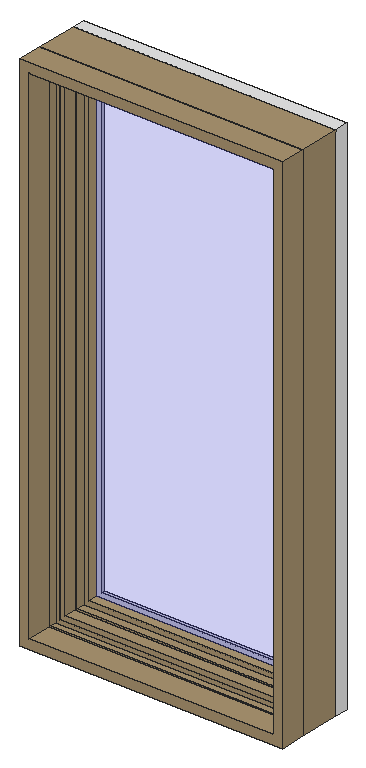
Revit family "Window-Casement-Pella-Architect-Contemporary-Fixed-1", category Windows, host Wall, Revit 2013
Parameters (values of type "Casement No Grille")
  Warranty = "https://content.pella.com/cs/groups/public/documents/document/mdaw/mde3/~edisp/pel-017828.pdf?_ga=1.89380059.1797906072.1467308852"
  Wall Thickness [instance] = 0' - 6"
  Visual Light Transmittance = 0
  Vertical Grille Spacing = (Width - 0' 4 47/64") / (Vertical Mullions + 1)  # 0' - 6 27/64"
  Vertical Grille Offset = Vertical Grille Spacing  # 0' - 6 27/64"
  Traditional Grille Single Vertical = and(Traditional Lites Wide = 2, Traditional Grille)  # no
  Traditional Grille Single Horizontal = and(Traditional Lites High = 2, Traditional Grille)  # no
  Traditional Grille Array Vertical = and(Traditional Lites Wide > 2, Traditional Grille)  # no
  Traditional Grille = no
  Traditional Lites Wide = 2
  Nail Fin = yes
  Max Lites = 10  # constant formula
  Horizontal Mullions = if(and(Traditional Lites High < Max Lites, Traditional Lites High > 3), Traditional Lites High - 1, if(or(Traditional Lites High = Max Lites, Traditional Lites High > Max Lites), Max Lites - 1, 2))  # 2
  URL = "http://professional.pella.com"
  Type Comments = "Casement"  # constant formula
  Traditional Grille Array Horizontal = and(Traditional Lites High > 2, Traditional Grille)  # no
  Thermal Resistance (R) = 10.0000 (h·ft²·°F)/BTU
  Specification = "http://media.pella.com/professional/adm/Wood-CSI_Specs/08551.rtf"
  Solar Heat Gain Coefficient = 0
  Rough Width = Width + 0' 0 3/4"  # 2' - 0 3/4"
  Rough Height = Height + 0' 0 3/4"  # 4' - 0 3/4"
  Requested Height = 4' - 0"
  Product Page URL = "http://professional.pella.com/windows/product-details/casement-architect"
  Product Name = "Architect Series Contemporary"  # constant formula
  Product Documentation Link = "http://media.pella.com/professional/adm/Clad-Wood/CM_ASSZTAB.pdf"
  Prairie Offset = 0' - 3"  # constant formula
  Prairie Grille = no
  Operation = "Fixed"  # constant formula
  Offset = 0' - 0"
  Mullions = 0' - 0 7/8"  # constant formula
  Model = "Casement Fixed"  # constant formula
  Min Width = 1' - 5"  # constant formula
  Min Height = 1' - 5"  # constant formula
  Max Width = 2' - 11"  # constant formula
  Max Height = 6' - 1"  # constant formula
  Material = "Wood - Pine"  # constant formula
  Manufacturer = "Pella"  # constant formula
  Requested Width = 2' - 0"
  LEED = "http://professional.pella.com/support/leed"
  Jamb Extensions Depth [instance] = if(Jamb Extensions Calc > 0' 0 1/8", Jamb Extensions Calc, 0' 0 1/8")  # 0' - 2 9/32"
  Jamb Extensions Calc [instance] = if(Offset > 0' 0", Wall Thickness - 0' 3 23/32" + Offset, Wall Thickness - 0' 3 23/32" - Inset)  # 0' - 2 9/32"
  Jamb Extensions = yes
  Interior Finish = Wood-Pella-Pine
  Inset = 0' - 0"
  Horizontal Grille Spacing = (Height - 0' 4 47/64") / (Horizontal Mullions + 1)  # 1' - 2 27/64"
  Horizontal Grille Offset = Horizontal Grille Spacing  # 1' - 2 27/64"
  Traditional Lites High = 2
  Height = if(and(Requested Height < Max Height, Requested Height > Min Height), Requested Height, if(or(Requested Height = Max Height, Requested Height > Max Height), Max Height, Min Height))  # 4' - 0"
  Heat Transfer Coefficient (U) = 0.1000 BTU/(h·ft²·°F)
  Grille Width = Width - 0' 4 47/64"  # 1' - 7 17/64"
  Grille Height = Height - 0' 4 47/64"  # 3' - 7 17/64"
  Vertical Mullions = if(and(Traditional Lites Wide < Max Lites, Traditional Lites Wide > 2), Traditional Lites Wide - 1, if(or(Traditional Lites Wide = Max Lites, Traditional Lites Wide > Max Lites), Max Lites - 1, 2))  # 2
  Glazing = Glass-Pella-Low_E-Argon
  Glass Thickness = 0' - 0 11/16"  # constant formula
  Finish = Aluminum-Pella-EnduraClad-White
  Energy Star = "http://www.pella.com/features-options/energy-efficiency/energy-star/"
  Description = "Aluminum Clad Wood Window"  # constant formula
  Depth = 0' - 5 1/128"  # constant formula
  Default Sill Height = 3' - 0"  # constant formula
  Wall Closure = By host
  Width = if(and(Requested Width < Max Width, Requested Width > Min Width), Requested Width, if(or(Requested Width = Max Width, Requested Width > Max Width), Max Width, Min Width))  # 2' - 0"
  Cladding = "Aluminum"  # constant formula
  Assembly Code = "B2020130"
  Analytic Construction = "<None>"
Types (4): name | Visual Light Transmittance | Traditional Grille Single Vertical | Traditional Grille Single Horizontal | Traditional Grille | Thermal Resistance (R) | Solar Heat Gain Coefficient | Prairie Grille | Heat Transfer Coefficient (U) | Analytic Construction
  (no name) | 0 | no | no | no | 1.7611 m²·K/W | 0 | no | 0.56783 W/(m²·K) | "<None>"
  Casement Traditional Grille | 0.76 | yes | yes | yes | 2.8573 (h·ft²·°F)/BTU | 0.65 | no | 0.3500 BTU/(h·ft²·°F) | "Double glazing - 1/8 in thick - low-E/clear (e = 0.2) glass"
  Casement Prairie Grille | 0.76 | no | no | no | 2.8573 (h·ft²·°F)/BTU | 0.65 | yes | 0.3500 BTU/(h·ft²·°F) | "Double glazing - 1/8 in thick - low-E/clear (e = 0.2) glass"
  Casement No Grille | 0 | no | no | no | 10.0000 (h·ft²·°F)/BTU | 0 | no | 0.1000 BTU/(h·ft²·°F) | "<None>"
Reference planes (in)
  plane 1 "Center (Front/Back)": y = 0
  plane 2: z = 0
  plane 3 "Center (Left/Right)": x = 0
  plane 4 "Left": x = -12
  plane 5 "Right": x = 12
  plane 6 "Sill": z = 36
  plane 7 "Top": z = 84
  plane 8 "Nail Flange": y = 3
  plane 9 "Glass Front": y = 3.19273
  plane 10 "Glass Back": y = 2.50523
  plane 11 "Front": y = 4.2919
  plane 12 "Back": y = -0.71591
  plane 13 "Glass Bottom": z = 37.99998
  plane 14 "Glass Top": z = 82.00002
  plane 15 "Glass Left": x = -10.00002
  plane 16 "Glass Right": x = 10.00002
  plane 17 "Inset": y = 3
  plane 18 "Jamb Extension": y = -0.71875
  plane 19 "Grille Bottom": z = 38.36679
  plane 20: z = 81.63321
  plane 21: x = 9.63321
  plane 22: x = -9.63321
  plane 23 "Prarie Right": x = 6.63321
  plane 24 "Prarie Left": x = -6.63321
  plane 25 "Prarie Top": z = 78.63321
  plane 26 "Prarie Bottom": z = 41.36679
  plane 27 "Center (Elevation)": z = 60
Forms (in)
  Sweep 1, solid, material "Wood-Pella-Pine" <- "Interior Finish", detail levels medium+fine
    path origin (0, 3, 0) x (-1, 0, 0) y (0, 0, 1)
      loop
        line (-12, 36) -> (12, 36) -> (12, 84) -> (-12, 84) -> (-12, 36)
    profile origin (-12, 3, 60) x (1, 0, 0) y (0, 1, 0)
      loop
        line (0, -3.71591) -> (0.875, -3.71591) -> (0.875, -3.04312) -> (1.25, -3.04312) -> (1.25, -1.52632) -> (1.029, -1.52632) -> (1.029, -0.84457) -> (0.72995, -0.84457) -> (0.72995, 0.33204) -> (0.259, 0.33204) -> (0.259, 0.08771) -> (0, 0.08771) -> (0, -3.71591)
  Sweep 2, solid, material "Aluminum-Pella-EnduraClad-White" <- "Finish", detail levels medium+fine
    path origin (0, 3, 0) x (-1, 0, 0) y (0, 0, 1)
      loop
        line (-12, 36) -> (12, 36) -> (12, 84) -> (-12, 84) -> (-12, 36)
    profile origin (-12, 3, 60) x (1, 0, 0) y (0, 1, 0)
      loop
        line (0.72995, -0.35799) -> (0.814, -0.35799) -> (0.814, 0.08998) -> (0.76564, 0.64798) -> (0.76564, 1.2299) -> (0.57394, 1.2299) -> (0.36396, 1.2919) -> (0.197, 1.2919) -> (0.197, 0.9179) -> (0.09, 0.9179) -> (0.09, 1.24933) -> (0, 1.24933) -> (0, 0.0999) -> (0.259, 0.0999) -> (0.259, 0.33204) -> (0.72995, 0.33204) -> (0.72995, -0.35799)
      loop
        line (1.012, 0.30847) -> (1.88298, 0.30847) -> (1.88298, 0.19273) -> (2.45587, 0.19273) -> (2.36679, 0.63726) -> (1.012, 0.63726) -> (1.012, 0.30847)
  Extrusion 3, solid, material "Glass-Pella-Low_E-Argon" <- "Glazing"
    sketch origin (0, 0, 36) x (0, -1, 0) y (1, 0, 0)
      loop
        line (-2.50523, -10.00002) -> (-2.50523, 10.00002) -> (-3.19273, 10.00002) -> (-3.19273, -10.00002) -> (-2.50523, -10.00002)
    from 1.99998 to 46.00002
  Sweep 4, solid, material "Aluminum-Pella-EnduraClad-White" <- "Finish", detail levels coarse
    path origin (0, 3, 0) x (-1, 0, 0) y (0, 0, 1)
      loop
        line (-12, 36) -> (12, 36) -> (12, 84) -> (-12, 84) -> (-12, 36)
    profile origin (-12, 3, 60) x (1, 0, 0) y (0, 1, 0)
      loop
        line (0, 0) -> (2.46, 0) -> (2.46, 0.63726) -> (0.76564, 0.63726) -> (0.76564, 1.2919) -> (0, 1.2919) -> (0, 0)
  Sweep 5, solid, material "Wood-Pella-Pine" <- "Interior Finish", detail levels coarse
    path origin (0, 3, 0) x (-1, 0, 0) y (0, 0, 1)
      loop
        line (-12, 36) -> (12, 36) -> (12, 84) -> (-12, 84) -> (-12, 36)
    profile origin (-12, 3, 60) x (1, 0, 0) y (0, 1, 0)
      loop
        line (0, -3.71591) -> (1.719, -3.71591) -> (1.719, -1.11274) -> (2.46, -1.11274) -> (2.46, 0) -> (0, 0) -> (0, -3.71591)
  Sweep 6, solid, material "Wood-Pella-Pine" <- "Interior Finish", visible <- "Jamb Extensions"
    path origin (0, -0.71875, 0) x (-1, 0, 0) y (0, 0, 1)
      loop
        line (-12, 36) -> (12, 36) -> (12, 84) -> (-12, 84) -> (-12, 36)
    profile origin (-12, -0.71875, 60) x (1, 0, 0) y (0, 1, 0)
      loop
        line (0, -2.28125) -> (0.812, -2.28125) -> (0.812, 0) -> (0, 0) -> (0, -2.28125)
  Sweep 7, solid, material "Wood-Pella-Pine" <- "Interior Finish", detail levels medium+fine
    path origin (0, 2.50523, 0) x (-1, 0, 0) y (0, 0, 1)
      loop
        line (-12, 36) -> (12, 36) -> (12, 84) -> (-12, 84) -> (-12, 36)
    profile origin (-12, 2.50523, 60) x (1, 0, 0) y (0, 1, 0)
      loop
        line (1.25, 0.80325) -> (1.25, -2.54796) -> (1.719, -2.54796) -> (1.719, -1.40696) -> (1.875, -1.40696) -> (1.875, -0.61796) -> (2.344, -0.61796) -> (2.47535, 0) -> (1.88298, 0) -> (1.88298, 0.80325) -> (1.25, 0.80325)
Lines and regions (in)
  Opening 1
    outline origin (-60, -3, 0) x (1, 0, 0) y (0, 0, 1)
      loop
        line (48, 84) -> (48, 36) -> (72, 36) -> (72, 84) -> (48, 84)
  Masking region 1, detail levels coarse
    outline origin (0, 0, 36) x (0, -1, 0) y (1, 0, 0)
      loop
        line (-3.19273, -9.54) -> (-2.50523, -9.54) -> (-2.50523, 9.54) -> (-3.19273, 9.54) -> (-3.19273, -9.54)
  Masking region 2, detail levels coarse
    outline origin (0, 0, 0) x (0, 1, 0) y (0, 0, 1)
      loop
        line (3.19273, 38.46) -> (3.19273, 81.54) -> (2.50523, 81.54) -> (2.50523, 38.46) -> (3.19273, 38.46)
  Masking region 3, detail levels medium+fine
    outline origin (0, 0, 0) x (0, 1, 0) y (0, 0, 1)
      loop
        line (3.19273, 37.99998) -> (3.19273, 82.00002) -> (3.06773, 82.00002) -> (3.06773, 37.99998) -> (3.19273, 37.99998)
      loop
        line (2.63023, 37.99998) -> (2.63023, 82.00002) -> (2.50523, 82.00002) -> (2.50523, 37.99998) -> (2.63023, 37.99998)
  Masking region 4, detail levels medium+fine
    outline origin (0, 0, 36) x (0, -1, 0) y (1, 0, 0)
      loop
        line (-2.50523, -10.00002) -> (-2.50523, 10.00002) -> (-2.63023, 10.00002) -> (-2.63023, -10.00002) -> (-2.50523, -10.00002)
      loop
        line (-3.06773, -10.00002) -> (-3.06773, 10.00002) -> (-3.19273, 10.00002) -> (-3.19273, -10.00002) -> (-3.06773, -10.00002)
  Masking region 5, visible <- "Jamb Extensions"
    outline origin (0, 0, 60) x (1, 0, 0) y (0, 1, 0)
      loop
        line (-12, -3) -> (-11.188, -3) -> (-11.188, -0.71591) -> (-12, -0.71591) -> (-12, -3)
      loop
        line (11.188, -3) -> (12, -3) -> (12, -0.71591) -> (11.188, -0.71591) -> (11.188, -3)
  Masking region 6, visible <- "Jamb Extensions"
    outline origin (0, 0, 0) x (0, 1, 0) y (0, 0, 1)
      loop
        line (-0.71591, 36) -> (-0.71591, 36.812) -> (-3, 36.812) -> (-3, 36) -> (-0.71591, 36)
      loop
        line (-0.71591, 83.188) -> (-0.71591, 84) -> (-3, 84) -> (-3, 83.188) -> (-0.71591, 83.188)
  symbolic lines, style "Elevation Swing"
    curve 1: line (12, 4.2919, 36) -> (0, 4.2919, 84)
    curve 2: line (0, 4.2919, 84) -> (-12, 4.2919, 36)
Text (in)
  text "EXTERIOR" at (-58.6888, 50.90694, 0), in view "Ref. Level"
  text "INTERIOR" at (-58.6888, -37.76638, 0), in view "Ref. Level"
  text "Exterior" at (0, 43.65631, 123.19604), in view "Left"
  text "Exterior" at (0, 18.29385, 125.04747), in view "Right"
Dimensions and locks (in)
  equal spacing: plane 4 "Left", plane 3 "Center (Left/Right)", plane 5 "Right"
  "Width": plane 4 "Left" to plane 5 "Right"
  "Height": plane 6 "Sill" to plane 7 "Top"
  "Default Sill Height": plane 2 to plane 6 "Sill"
  locked: plane 9 "Glass Front" to plane 8 "Nail Flange" at 0.19273
  "Offset": plane 8 "Nail Flange" to plane 17 "Inset"
  locked: Masking region 1 sketch curve to plane 16 "Glass Right" at 0.46002
  locked: plane 15 "Glass Left" to Masking region 1 sketch curve at 0.46002
  locked: Masking region 2 sketch curve to plane 14 "Glass Top" at 0.46002
  locked: plane 13 "Glass Bottom" to Masking region 2 sketch curve at 0.46002
  locked: plane 9 "Glass Front" to Masking region 3 sketch curve at 0.125
  locked: Masking region 3 sketch curve to plane 10 "Glass Back" at 0.125
  locked: Masking region 4 sketch curve to plane 10 "Glass Back" at 0.125
  locked: plane 9 "Glass Front" to Masking region 4 sketch curve at 0.125
  locked: plane 11 "Front" to plane 8 "Nail Flange" at 1.2919
  "Depth": plane 11 "Front" to plane 12 "Back"
  plane 4 "Left" to Sweep 2 sketch curve to Sweep 2 sketch curve to Sweep 2 sketch curve to Sweep 2 sketch curve to Sweep 2 sketch curve to Sweep 2 sketch curve to Sweep 2 sketch curve to Sweep 2 sketch curve = 0' - 0.09" locked, 0' - 0.107" locked, 0' - 0.062" locked, 0' - 0.10496" locked, 0' - 0.20997" locked, 0' - 0.15601" locked, 0' - 0.0357" locked, 0' - 0.04836" locked
  plane 11 "Front" to Sweep 2 sketch curve to Sweep 2 sketch curve to Sweep 2 sketch curve to Sweep 2 sketch curve to Sweep 2 sketch curve to Sweep 2 sketch curve to Sweep 2 sketch curve to Sweep 2 sketch curve = 0' - 0.04257" locked, 0' - 0.01943" locked, 0' - 0.312" locked, 0' - 0.26992" locked, 0' - 0.31594" locked, 0' - 0.23214" locked, 0' - 0.00992" locked, 0' - 0.44797" locked
  locked: plane 6 "Sill" to plane 13 "Glass Bottom" at 1.99998
  locked: plane 7 "Top" to plane 14 "Glass Top" at 1.99998
  locked: plane 16 "Glass Right" to plane 5 "Right" at 1.99998
  locked: plane 4 "Left" to plane 15 "Glass Left" at 1.99998
  locked: Sweep 4 sketch curve to plane 8 "Nail Flange" at 0.63726
  plane 4 "Left" to Sweep 4 sketch curve to Sweep 4 sketch curve = 0' - 0 49/64" locked, 0' - 1.69436" locked
  locked: plane 8 "Nail Flange" to Sweep 5 sketch curve at 1.11274
  plane 4 "Left" to Sweep 5 sketch curve to Sweep 5 sketch curve = 0' - 1.719" locked, 0' - 0.741" locked
  "Inset": host wall to plane 17 "Inset"
  "Wall Thickness": host wall to host wall
  "Jamb Extensions Depth": host wall to plane 18 "Jamb Extension"
  locked: plane 4 "Left" to Sweep 6 sketch curve at 0.812
  locked: plane 20 to plane 7 "Top" at 2.36679
  locked: plane 6 "Sill" to plane 19 "Grille Bottom" at 2.36679
  locked: plane 5 "Right" to plane 21 at 2.36679
  locked: plane 4 "Left" to plane 22 at 2.36679
  "Prairie Offset": plane 19 "Grille Bottom" to plane 26 "Prarie Bottom"
  "Prairie Offset": plane 25 "Prarie Top" to plane 20
  "Prairie Offset": plane 21 to plane 23 "Prarie Right"
  "Prairie Offset": plane 24 "Prarie Left" to plane 22
  locked: nested 7 to plane 9 "Glass Front" at 0
  locked: nested 8 to plane 9 "Glass Front" at 0
  locked: plane 21 to nested 8 at 0.00237
  "Vertical Grille Offset": nested 9 to plane 21
  group 2 to group 1 = 0' - 6 27/64"
  group 1 to group 2 = 0' - 0"  (x2)
  "Vertical Grille Spacing": nested 10 to nested 9
  "Horizontal Grille Offset": plane 19 "Grille Bottom" to nested 11
  group 3 to group 4 = 0' - 0"  (x2)
  group 3 to group 4 = 1' - 2 27/64"
  "Horizontal Grille Spacing": nested 11 to nested 12
  locked: nested 12 to plane 21 at 0
  equal spacing: plane 6 "Sill", plane 27 "Center (Elevation)", plane 7 "Top"
  locked: nested 14 to plane 27 "Center (Elevation)"
  locked: plane 4 "Left" to Masking region 5 sketch curve at 0.812
  locked: Masking region 5 sketch curve to plane 5 "Right" at 0.812
  locked: Masking region 6 sketch curve to plane 7 "Top" at 0.812
  locked: plane 6 "Sill" to Masking region 6 sketch curve at 0.812
  "Glass Thickness": plane 9 "Glass Front" to plane 10 "Glass Back"
  Sweep 1 sketch curve to Sweep 1 sketch curve to Sweep 1 sketch curve to Sweep 1 sketch curve to Sweep 1 sketch curve to plane 18 "Jamb Extension" = 0' - 0.24433" locked, 0' - 0.93227" locked, 0' - 0.68175" locked, 0' - 1.5168" locked, 0' - 0.67563" locked
  plane 4 "Left" to Sweep 1 sketch curve to Sweep 1 sketch curve to Sweep 1 sketch curve to Sweep 1 sketch curve to Sweep 1 sketch curve = 0' - 0.259" locked, 0' - 0.47095" locked, 0' - 0.14505" locked, 0' - 0.154" locked, 0' - 0.221" locked
  Sweep 2 sketch curve to Sweep 2 sketch curve to plane 9 "Glass Front" = 0' - 0.32879" locked, 0' - 0.11575" locked
  Sweep 2 sketch curve to Sweep 2 sketch curve to plane 15 "Glass Left" to Sweep 2 sketch curve to Sweep 2 sketch curve = 0' - 0.87098" locked, 0' - 0.117" locked, 0' - 0.36681" locked, 0' - 0.08908" locked
  Sweep 7 sketch curve to plane 10 "Glass Back" to Sweep 7 sketch curve to Sweep 7 sketch curve to Sweep 7 sketch curve = 0' - 0.80325" locked, 0' - 0.61796" locked, 0' - 0.789" locked, 0' - 1.141" locked
  Sweep 7 sketch curve to Sweep 7 sketch curve to Sweep 7 sketch curve to Sweep 7 sketch curve to plane 15 "Glass Left" to Sweep 7 sketch curve to Sweep 7 sketch curve = 0' - 0.469" locked, 0' - 0.156" locked, 0' - 0.00798" locked, 0' - 0.117" locked, 0' - 0.34402" locked, 0' - 0.13135" locked
  aligned and locked: plane 7 "Top" to Opening 1 sketch curve
  aligned and locked: plane 6 "Sill" to Opening 1 sketch curve  (x2)
  aligned and locked: plane 5 "Right" to Opening 1 sketch curve
  aligned and locked: plane 4 "Left" to Opening 1 sketch curve
  aligned and locked: level to plane 2
  aligned and locked: nested 1 to plane 8 "Nail Flange"
  aligned and locked: nested 1 to plane 5 "Right"
  aligned and locked: plane 8 "Nail Flange" to nested 2
  aligned and locked: nested 2 to plane 4 "Left"
  aligned and locked: plane 8 "Nail Flange" to nested 3
  aligned and locked: nested 3 to plane 6 "Sill"
  aligned and locked: nested 4 to plane 8 "Nail Flange"
  aligned and locked: nested 4 to plane 7 "Top"
  aligned and locked: Masking region 1 sketch curve to plane 9 "Glass Front"
  aligned and locked: plane 10 "Glass Back" to Masking region 1 sketch curve
  aligned and locked: plane 10 "Glass Back" to Masking region 2 sketch curve
  aligned and locked: Masking region 2 sketch curve to plane 9 "Glass Front"
  aligned and locked: plane 10 "Glass Back" to Masking region 3 sketch curve
  aligned and locked: Masking region 3 sketch curve to plane 9 "Glass Front"
  aligned and locked: plane 9 "Glass Front" to Masking region 4 sketch curve
  aligned and locked: Masking region 4 sketch curve to plane 10 "Glass Back"
  aligned and locked: Sweep 1 sketch curve to plane 5 "Right"
  aligned and locked: plane 4 "Left" to Sweep 1 sketch curve  (x2)
  aligned and locked: Sweep 1 sketch curve to plane 7 "Top"
  aligned and locked: plane 6 "Sill" to Sweep 1 sketch curve
  aligned and locked: Sweep 1 sketch curve to plane 12 "Back"
  aligned and locked: Sweep 2 sketch curve to plane 5 "Right"
  aligned and locked: plane 4 "Left" to Sweep 2 sketch curve  (x2)
  aligned and locked: plane 6 "Sill" to Sweep 2 sketch curve
  aligned and locked: Sweep 2 sketch curve to plane 7 "Top"
  aligned and locked: plane 11 "Front" to Sweep 2 sketch curve
  aligned and locked: plane 10 "Glass Back" to Extrusion 3 sketch curve
  aligned and locked: Extrusion 3 sketch curve to plane 9 "Glass Front"
  aligned and locked: plane 15 "Glass Left" to Extrusion 3 sketch curve
  aligned and locked: plane 16 "Glass Right" to Extrusion 3 sketch curve
  aligned and locked: plane 15 "Glass Left" to Masking region 4 sketch curve  (x2)
  aligned and locked: plane 16 "Glass Right" to Masking region 4 sketch curve  (x2)
  aligned and locked: plane 13 "Glass Bottom" to Masking region 3 sketch curve  (x2)
  aligned and locked: Masking region 3 sketch curve to plane 14 "Glass Top"  (x2)
  aligned and locked: Extrusion 3 to plane 13 "Glass Bottom"
  aligned and locked: plane 14 "Glass Top" to Extrusion 3
  aligned and locked: plane 6 "Sill" to Sweep 4 sketch curve
  aligned and locked: Sweep 4 sketch curve to plane 5 "Right"
  aligned and locked: Sweep 4 sketch curve to plane 7 "Top"
  aligned and locked: plane 4 "Left" to Sweep 4 sketch curve  (x2)
  aligned and locked: plane 11 "Front" to Sweep 4 sketch curve
  aligned and locked: Sweep 4 sketch curve to plane 8 "Nail Flange"
  aligned and locked: plane 4 "Left" to Sweep 5 sketch curve  (x2)
  aligned and locked: Sweep 5 sketch curve to plane 5 "Right"
  aligned and locked: Sweep 5 sketch curve to plane 7 "Top"
  aligned and locked: plane 6 "Sill" to Sweep 5 sketch curve
  aligned and locked: Sweep 5 sketch curve to plane 12 "Back"
  aligned and locked: plane 8 "Nail Flange" to Sweep 5 sketch curve
  aligned and locked: Sweep 6 sketch curve to plane 5 "Right"
  aligned and locked: plane 4 "Left" to Sweep 6 sketch curve  (x2)
  aligned and locked: plane 6 "Sill" to Sweep 6 sketch curve
  aligned and locked: Sweep 6 sketch curve to plane 7 "Top"
  aligned and locked: plane 18 "Jamb Extension" to Sweep 6 sketch curve
  aligned and locked: host wall to Sweep 6 sketch curve
  aligned and locked: plane 9 "Glass Front" to nested 5
  aligned and locked: plane 23 "Prarie Right" to nested 5
  aligned and locked: plane 9 "Glass Front" to nested 6
  aligned and locked: plane 21 to nested 6
  aligned and locked: plane 26 "Prarie Bottom" to nested 6
  aligned and locked: plane 24 "Prarie Left" to nested 7
  aligned and locked: plane 25 "Prarie Top" to nested 8
  aligned and locked: plane 9 "Glass Front" to nested 9
  aligned and locked: plane 9 "Glass Front" to nested 10
  aligned and locked: plane 9 "Glass Front" to nested 11
  aligned and locked: plane 21 to nested 11
  aligned and locked: plane 9 "Glass Front" to nested 12
  aligned and locked: plane 9 "Glass Front" to nested 13
  aligned and locked: plane 3 "Center (Left/Right)" to nested 13
  aligned and locked: plane 9 "Glass Front" to nested 14
  aligned and locked: plane 21 to nested 14
  aligned and locked: plane 12 "Back" to Masking region 5 sketch curve  (x2)
  aligned and locked: host wall to Masking region 5 sketch curve  (x2)
  aligned and locked: plane 4 "Left" to Masking region 5 sketch curve
  aligned and locked: Masking region 5 sketch curve to plane 5 "Right"
  aligned and locked: Masking region 6 sketch curve to plane 6 "Sill"
  aligned and locked: Masking region 6 sketch curve to host wall  (x2)
  aligned and locked: Masking region 6 sketch curve to plane 12 "Back"  (x2)
  aligned and locked: plane 7 "Top" to Masking region 6 sketch curve
  aligned and locked: plane 9 "Glass Front" to Sweep 2 sketch curve
  aligned and locked: plane 6 "Sill" to Sweep 7 sketch curve
  aligned and locked: Sweep 7 sketch curve to plane 5 "Right"
  aligned and locked: Sweep 7 sketch curve to plane 7 "Top"
  aligned and locked: plane 4 "Left" to Sweep 7 sketch curve
  aligned and locked: Sweep 7 sketch curve to plane 10 "Glass Back"
  aligned and locked: plane 6 "Sill" to curve 2
  aligned and locked: plane 4 "Left" to curve 2
  aligned and locked: plane 6 "Sill" to curve 1
  aligned and locked: plane 5 "Right" to curve 1
  aligned and locked: plane 3 "Center (Left/Right)" to curve 1
  aligned and locked: plane 7 "Top" to curve 1
Nested families (in)
  nested 1: "Nested-Casement-Pella-Architect-Contemporary-Fixed" at (12, 3, 36) x (0, -1, 0) z (0, 0, -1), type "Fixed Casement"
  nested 2: "Nested-Casement-Pella-Architect-Contemporary-Fixed" at (-12, 3, 36) x (0, -1, 0) z (0, 0, -1), type "Fixed Casement"
  nested 3: "Nested-Casement-Pella-Architect-Contemporary-Fixed" at (0, 3, 36) x (0, -1, 0) z (1, 0, 0), type "Fixed Casement"
  nested 4: "Nested-Casement-Pella-Architect-Contemporary-Fixed" at (0, 3, 84) x (0, -1, 0) z (1, 0, 0), type "Fixed Casement"
  nested 5: "Nested-Mullion-Pella" at (6.63321, 2.84898, 38.36679), visible <- "Prairie Grille", type "Vertical Mullion"
    with Height 3' - 7 17/64", Glass Thickness 0' - 0 11/16", Depth 0' - 1 7/16"
  nested 6: "Nested-Mullion-Pella" at (0.00039, 2.84898, 40.92929), visible <- "Prairie Grille", type "Horizontal Mullion"
    with Width 1' - 7 17/64", Glass Thickness 0' - 0 11/16", Depth 0' - 1 7/16"
  nested 7: "Nested-Mullion-Pella" at (-6.63321, 2.84898, 38.36679), visible <- "Prairie Grille", type "Vertical Mullion"
    with Height 3' - 7 17/64", Glass Thickness 0' - 0 11/16", Depth 0' - 1 7/16"
  nested 8: "Nested-Mullion-Pella" at (-0.00198, 2.84898, 78.19571), visible <- "Prairie Grille", type "Horizontal Mullion"
    with Width 1' - 7 17/64", Glass Thickness 0' - 0 11/16", Depth 0' - 1 7/16"
  nested 9: "Nested-Mullion-Pella" at (3.21133, 2.84898, 38.36679), visible <- "Traditional Grille Array Vertical", type "Vertical Mullion"
    with Height 3' - 7 17/64", Glass Thickness 0' - 0 11/16", Depth 0' - 1 7/16"
  nested 10: "Nested-Mullion-Pella" at (-3.21054, 2.84898, 38.36679), visible <- "Traditional Grille Array Vertical", type "Vertical Mullion"
    with Height 3' - 7 17/64", Glass Thickness 0' - 0 11/16", Depth 0' - 1 7/16"
  nested 11: "Nested-Mullion-Pella" at (0.00039, 2.84898, 52.35117), visible <- "Traditional Grille Array Horizontal", type "Horizontal Mullion"
    with Width 1' - 7 17/64", Glass Thickness 0' - 0 11/16", Depth 0' - 1 7/16"
  nested 12: "Nested-Mullion-Pella" at (0.00039, 2.84898, 66.77304), visible <- "Traditional Grille Array Horizontal", type "Horizontal Mullion"
    with Width 1' - 7 17/64", Glass Thickness 0' - 0 11/16", Depth 0' - 1 7/16"
  nested 13: "Nested-Mullion-Pella" at (0, 2.84898, 38.36679), visible <- "Traditional Grille Single Vertical", type "Vertical Mullion"
    with Height 3' - 7 17/64", Glass Thickness 0' - 0 11/16", Depth 0' - 1 7/16"
  nested 14: "Nested-Mullion-Pella" at (0.00039, 2.84898, 59.5625), visible <- "Traditional Grille Single Horizontal", type "Horizontal Mullion"
    with Width 1' - 7 17/64", Glass Thickness 0' - 0 11/16", Depth 0' - 1 7/16"
Definition of nested family "Nested-Mullion-Pella"
  Parameters (values of type "Vertical Mullion")
    Width = 0' - 0 7/8"
    Vertical = yes
    URL = "http://www.pella.com/"
    Type Comments = "Mullion"  # constant formula
    Model = "Mullion for Pella Models"  # constant formula
    Manufacturer = "Pella"  # constant formula
    Interior Finish = Wood-Pella-Pine
    Horizontal = no
    Height = 1' - 8 49/64"
    Glass Thickness = 0' - 0 13/16"
    Finish = Aluminum-Pella-EnduraClad-White
    Description = "For use with Pella Models"  # constant formula
    Depth = Glass Thickness + 0' 0 3/4"  # 0' - 1 9/16"
    Default Elevation = 4' - 0"
  Types (2): name | Width | Vertical | Horizontal | Height
    Horizontal Mullion | 1' - 8 49/64" | no | yes | 0' - 0 7/8"
    Vertical Mullion | 0' - 0 7/8" | yes | no | 1' - 8 49/64"
  Reference planes (in)
    plane 1 "Center (Front/Back)": y = 0
    plane 2 "Bottom": z = 0
    plane 3 "Center (Left/Right)": x = 0
    plane 4 "Left": x = -0.4375
    plane 5 "Right": x = 0.4375
    plane 6 "Front": y = -0.78125
    plane 7 "Back": y = 0.78125
    plane 8 "Top": z = 20.76563
    plane 9 "Glass Back": y = 0.40625
    plane 10 "Glass Front": y = -0.40625
    plane 11 "Center (Elevation)": z = 10.38281
  Forms (in)
    Extrusion 1, solid, material "Aluminum-Pella-EnduraClad-White" <- "Finish", detail levels medium+fine
      sketch origin (0, 0, 0) x (1, 0, 0) y (0, 1, 0)
        loop
          line (-0.4375, 0.78125) -> (-0.4375, 0.40625) -> (0.4375, 0.40625) -> (0.4375, 0.78125) -> (-0.4375, 0.78125)
      from 0 to 20.76562
    Extrusion 2, solid, material "Wood-Pella-Pine" <- "Interior Finish", detail levels medium+fine
      sketch origin (0, 0, 0) x (1, 0, 0) y (0, 1, 0)
        loop
          line (-0.4375, -0.40625) -> (-0.4375, -0.78125) -> (0.4375, -0.78125) -> (0.4375, -0.40625) -> (-0.4375, -0.40625)
      from 0 to 20.76562
    Extrusion 3, solid, material "Foam-Pella-Dark_Grey", detail levels medium+fine
      sketch origin (0, 0, 0) x (1, 0, 0) y (0, 1, 0)
        loop
          line (-0.25, -0.28125) -> (0.25, -0.28125) -> (0.25, 0.28125) -> (-0.25, 0.28125) -> (-0.25, -0.28125)
      from 0 to 20.76562
  Lines and regions (in)
    model lines, visible <- "Vertical", detail levels coarse
      curve 1: line (0, -0.40625, 0) -> (0, -0.40625, 20.76563)
      curve 2: line (0, 0.40625, 0) -> (0, 0.40625, 20.76563)
    model lines, visible <- "Horizontal", detail levels coarse
      curve 3: line (-0.4375, 0.40625, 10.38281) -> (0.4375, 0.40625, 10.38281)
      curve 4: line (-0.4375, -0.40625, 10.38281) -> (0.4375, -0.40625, 10.38281)
  Dimensions and locks (in)
    equal spacing: plane 4 "Left", plane 3 "Center (Left/Right)", plane 5 "Right"
    "Width": plane 4 "Left" to plane 5 "Right"
    "Height": plane 8 "Top" to level
    equal spacing: plane 10 "Glass Front", plane 1 "Center (Front/Back)", plane 9 "Glass Back"
    "Glass Thickness": plane 10 "Glass Front" to plane 9 "Glass Back"
    equal spacing: plane 7 "Back", plane 1 "Center (Front/Back)", plane 6 "Front"
    "Depth": plane 7 "Back" to plane 6 "Front"
    equal spacing: plane 8 "Top", plane 11 "Center (Elevation)", level
    locked: plane 10 "Glass Front" to Extrusion 3 sketch curve at 0.125
    locked: plane 9 "Glass Back" to Extrusion 3 sketch curve at 0.125
    locked: plane 4 "Left" to Extrusion 3 sketch curve at 0.1875
    locked: Extrusion 3 sketch curve to plane 5 "Right" at 0.1875
    aligned and locked: plane 2 "Bottom" to level
    aligned and locked: plane 3 "Center (Left/Right)" to curve 1
    aligned and locked: plane 8 "Top" to curve 1
    aligned and locked: level to curve 1
    aligned and locked: curve 2 to plane 3 "Center (Left/Right)"
    aligned and locked: plane 8 "Top" to curve 2
    aligned and locked: level to curve 2
    aligned and locked: plane 5 "Right" to curve 3
    aligned and locked: plane 4 "Left" to curve 3
    aligned and locked: plane 11 "Center (Elevation)" to curve 3
    aligned and locked: curve 4 to plane 11 "Center (Elevation)"
    aligned and locked: plane 5 "Right" to curve 4
    aligned and locked: plane 4 "Left" to curve 4
    aligned and locked: plane 9 "Glass Back" to Extrusion 1 sketch curve
    aligned and locked: Extrusion 1 sketch curve to plane 7 "Back"
    aligned and locked: Extrusion 1 sketch curve to plane 4 "Left"
    aligned and locked: Extrusion 1 sketch curve to plane 5 "Right"
    aligned and locked: plane 6 "Front" to Extrusion 2 sketch curve
    aligned and locked: plane 10 "Glass Front" to Extrusion 2 sketch curve
    aligned and locked: Extrusion 2 sketch curve to plane 4 "Left"
    aligned and locked: Extrusion 2 sketch curve to plane 5 "Right"
    aligned and locked: plane 8 "Top" to Extrusion 2
    aligned and locked: Extrusion 2 to level
    aligned and locked: plane 8 "Top" to Extrusion 1
    aligned and locked: Extrusion 1 to level
    aligned and locked: Extrusion 3 to level
    aligned and locked: plane 8 "Top" to Extrusion 3
Definition of nested family "Nested-Casement-Pella-Architect-Contemporary-Fixed"
  Parameters (values of type "Fixed Casement")
    Type Comments = "For use with Pella Architect Series Models"  # constant formula
    Nail Fin = yes
    Glass Thickness = 0' - 0 11/16"
    Assembly Code = "B2020130"
  Reference planes (in)
    plane 1 "Bottom Placement": y = 0
    plane 2: z = 0
    plane 3 "Center (Left/Right)": x = 0
    plane 4 "Back": x = 3.71496
    plane 5 "Front": x = -1.2919
    plane 6 "Glass Intersection": y = 1.99998
    plane 7 "Glass Front": x = -0.18976
    plane 8 "Glass Back": x = 0.49774
  Lines and regions (in)
    Filled region 1, type "Wood - Pella", in view "Ref. Level", detail levels medium+fine
      outline origin (0, 0, 0) x (1, 0, 0) y (0, 1, 0)
        loop
          line (3.15196, 0.081) -> (3.15196, 0) -> (3.71496, 0) -> (3.71496, 0.875) -> (3.04312, 0.875) -> (3.04312, 1.25) -> (2.90041, 1.25) -> (2.90041, 0.843) -> (2.38542, 0.843) -> (2.38542, 1.093) -> (1.839, 1.093) -> (1.839, 1.25) -> (1.52632, 1.25) -> (1.52632, 1.029) -> (0.84457, 1.029) -> (0.84457, 0.774) -> (0.38931, 0.774) -> (0.38931, 0.6938) -> (-0.08795, 0.6938) -> (-0.08795, 0.75022) -> (-0.15701, 0.75022) -> (-0.33204, 0.52355) -> (-0.33204, 0.422) -> (-0.14985, 0.259) -> (-0.09407, 0.259) -> (-0.09407, 0.313) -> (0.00845, 0.313) -> (0.00845, 0.081) -> (3.15196, 0.081)
    Filled region 2, type "Wood - Pella", in view "Ref. Level", detail levels medium+fine
      outline origin (0, 0, 0) x (1, 0, 0) y (0, 1, 0)
        loop
          line (1.11274, 1.25) -> (1.11274, 2.344) -> (0.49774, 2.47472) -> (0.49774, 2.222) -> (0.56674, 2.222) -> (0.56674, 1.88298) -> (-0.25656, 1.88298) -> (-0.25656, 1.796) -> (-0.38426, 1.796) -> (-0.38426, 1.866) -> (-0.57908, 1.81947) -> (-0.60226, 1.38) -> (-0.36742, 1.25) -> (-0.36742, 1.445) -> (-0.26481, 1.445) -> (-0.26481, 1.25) -> (-0.04026, 1.25) -> (-0.04026, 1.315) -> (0.47574, 1.315) -> (0.47574, 1.25) -> (1.11274, 1.25)
    Masking region 1, in view "Ref. Level", detail levels medium+fine
      outline origin (0, 0, 0) x (1, 0, 0) y (0, 1, 0)
        loop
          line (-1.1063, 0) -> (-1.04986, 0.02362) -> (-0.2799, 0.02362)
          arc (-0.2799, 0.02362) -> (-0.25144, 0.04367) -> (-0.25679, 0.07807) r 0.033
          line (-0.25679, 0.07807) -> (-0.24489, 0.214) -> (-0.1449, 0.214) -> (-0.1449, 0.07562)
          arc (-0.1449, 0.07562) -> (-0.14158, 0.03402) -> (-0.0999, 0.03196) r 0.03161
          line (-0.0999, 0.03196) -> (-0.0999, 0.20433) -> (-0.03496, 0.20433) -> (-0.03496, 0.29969) -> (-0.08183, 0.29969) -> (-0.08183, 0.259) -> (-0.28613, 0.259) -> (-0.30266, 0.07) -> (-0.8729, 0.07) -> (-0.8729, 0.242) -> (-1.2469, 0.242) -> (-1.2469, 0.35779) -> (-1.1849, 0.56776) -> (-1.1849, 0.71877) -> (-0.64595, 0.71877) -> (-0.08795, 0.76713) -> (-0.08795, 0.72995) -> (-0.05389, 0.72995) -> (0.01051, 0.76713) -> (0.35799, 0.76713) -> (0.35799, 0.814) -> (-0.08998, 0.814) -> (-0.64798, 0.76564) -> (-1.2299, 0.76564) -> (-1.2299, 0.57394) -> (-1.2919, 0.36396) -> (-1.2919, 0.197) -> (-0.9179, 0.197) -> (-0.9179, 0.09) -> (-1.20133, 0.09)
          arc (-1.20133, 0.09) -> (-1.24784, 0.0541) -> (-1.2249, 0) r 0.04809
          line (-1.2249, 0) -> (-1.1063, 0)
        loop
          line (-0.63726, 1.012) -> (-0.46027, 1.012) -> (-0.46027, 1.09838) -> (-0.56827, 1.18307) -> (-0.56827, 1.21875) -> (-0.30847, 1.21875) -> (-0.30847, 1.30814) -> (-0.33972, 1.30814) -> (-0.33972, 1.25) -> (-0.59952, 1.25) -> (-0.59952, 1.16786) -> (-0.49152, 1.08317) -> (-0.49152, 1.04325) -> (-0.60601, 1.04325) -> (-0.60601, 2.34118) -> (-0.29274, 2.40396) -> (-0.29274, 2.14689) -> (-0.58174, 1.95195) -> (-0.58174, 1.866) -> (-0.35538, 1.866) -> (-0.35538, 1.81889) -> (-0.32413, 1.81889) -> (-0.32413, 1.89725) -> (-0.55377, 1.89725) -> (-0.55377, 1.93312) -> (-0.26149, 2.13027) -> (-0.26149, 2.34654) -> (-0.19273, 2.34654) -> (-0.19273, 2.45587) -> (-0.63726, 2.36679) -> (-0.63726, 1.012)
    Masking region 2, in view "Ref. Level", visible <- "Nail Fin", detail levels fine
      outline origin (0, 0, 0) x (1, 0, 0) y (0, 1, 0)
        loop
          line (-0.14503, 0.08096) -> (-0.15471, 0.214) -> (-0.24621, 0.214) -> (-0.24621, -0.02866) -> (-0.03125, -0.02866) -> (-0.03125, -1.23276) -> (0, -1.23276) -> (0, 0.00259) -> (-0.21496, 0.00259) -> (-0.21496, 0.18191) -> (-0.18371, 0.18191) -> (-0.17636, 0.08096) -> (-0.14503, 0.08096)
    Masking region 3, in view "Ref. Level", detail levels coarse
      outline origin (0, 0, 0) x (1, 0, 0) y (0, 1, 0)
        loop
          line (-1.2919, 0) -> (3.71496, 0) -> (3.71496, 1.719) -> (1.11274, 1.719) -> (1.11274, 2.46) -> (-0.63726, 2.46) -> (-0.63726, 0.76564) -> (-1.2919, 0.76564) -> (-1.2919, 0)
    Filled region 3, type "Wood - Pella", in view "Ref. Level", detail levels medium+fine
      outline origin (0, 0, 0) x (1, 0, 0) y (0, 1, 0)
        loop
          line (1.15174, 1.875) -> (1.12294, 1.49725) -> (1.25379, 1.49725) -> (1.25379, 1.179) -> (1.34123, 1.179) -> (1.34123, 1.25) -> (1.8639, 1.25) -> (1.8639, 1.177) -> (2.24984, 1.177) -> (2.24984, 1.45229) -> (2.37991, 1.45229) -> (2.37991, 1.177) -> (2.87948, 1.177) -> (2.87948, 1.2545) -> (3.04274, 1.2545) -> (3.04274, 1.719) -> (1.90174, 1.719) -> (1.90174, 1.875) -> (1.15174, 1.875)
    Masking region 4, in view "Ref. Level", detail levels fine
      outline origin (0, 0, 0) x (1, 0, 0) y (0, 1, 0)
        loop
          line (-0.21026, 0.814) -> (0.78374, 0.814) -> (0.78374, 1.17578) -> (0.65874, 1.25) -> (0.4478, 1.25) -> (0.25249, 1.14453) -> (0.27476, 1.10329) -> (0.43999, 1.19251) -> (0.43999, 0.86088) -> (-0.13032, 0.86088) -> (0.06892, 1.21689) -> (0.02802, 1.23978) -> (-0.21026, 0.814)
        loop
          line (0.64587, 1.20313) -> (0.48686, 1.20313) -> (0.48686, 0.86088) -> (0.73686, 0.86088) -> (0.73686, 1.1491) -> (0.64587, 1.20313)
  Dimensions and locks (in)
    locked: plane 5 "Front" to plane 3 "Center (Left/Right)" at 1.2919
    locked: plane 3 "Center (Left/Right)" to plane 4 "Back" at 3.71496
    locked: plane 7 "Glass Front" to plane 3 "Center (Left/Right)" at 0.18976
    "Glass Thickness": plane 7 "Glass Front" to plane 8 "Glass Back"
    plane 1 "Bottom Placement" to Masking region 1 sketch curve to Masking region 1 sketch curve to Masking region 1 sketch curve to Masking region 1 sketch curve to Masking region 1 sketch curve to Masking region 1 sketch curve to Masking region 1 sketch curve to Masking region 1 sketch curve to Masking region 1 sketch curve to Masking region 1 sketch curve to Masking region 1 sketch curve to Masking region 1 sketch curve to Masking region 1 sketch curve to Masking region 1 sketch curve to Masking region 1 sketch curve to Masking region 1 sketch curve to Masking region 1 sketch curve to Masking region 1 sketch curve to Masking region 1 sketch curve to Masking region 1 sketch curve to Masking region 1 sketch curve to Masking region 1 sketch curve to Masking region 1 sketch curve to Masking region 1 sketch curve to Masking region 1 sketch curve = 0' - 0.02362" locked, 0' - 0.00148" locked, 0' - 0.00687" locked, 0' - 0.00995" locked, 0' - 0.01465" locked, 0' - 0.01344" locked, 0' - 0.00562" locked, 0' - 0.00244" locked, 0' - 0.01193" locked, 0' - 0.107" locked, 0' - 0.00733" locked, 0' - 0.00967" locked, 0' - 0.028" locked, 0' - 0.017" locked, 0' - 0.04069" locked, 0' - 0.0581" locked, 0' - 0.00617" locked, 0' - 0.2038" locked, 0' - 0.00617" locked, 0' - 0.14483" locked, 0' - 0.01118" locked, 0' - 0.0357" locked, 0' - 0.00148" locked, 0' - 0" locked, 0' - 0 3/64" locked
    plane 5 "Front" to Masking region 1 sketch curve to Masking region 1 sketch curve to Masking region 1 sketch curve to Masking region 1 sketch curve to Masking region 1 sketch curve to Masking region 1 sketch curve to Masking region 1 sketch curve to Masking region 1 sketch curve to Masking region 1 sketch curve to Masking region 1 sketch curve to Masking region 1 sketch curve to Masking region 1 sketch curve to Masking region 1 sketch curve to Masking region 1 sketch curve to Masking region 1 sketch curve to Masking region 1 sketch curve to Masking region 1 sketch curve to Masking region 1 sketch curve to Masking region 1 sketch curve to Masking region 1 sketch curve to Masking region 1 sketch curve to Masking region 1 sketch curve to Masking region 1 sketch curve to Masking region 1 sketch curve to Masking region 1 sketch curve to Masking region 1 sketch curve to Masking region 1 sketch curve to Masking region 1 sketch curve = 0' - 0.04249" locked, 0' - 0.00251" locked, 0' - 0.017" locked, 0' - 0.005" locked, 0' - 0.02357" locked, 0' - 0.01643" locked, 0' - 0.0786" locked, 0' - 0.05644" locked, 0' - 0.13196" locked, 0' - 0.045" locked, 0' - 0.22492" locked, 0' - 0.00203" locked, 0' - 0.34328" locked, 0' - 0.01654" locked, 0' - 0.00431" locked, 0' - 0.00192" locked, 0' - 0.02311" locked, 0' - 0.01189" locked, 0' - 0.1" locked, 0' - 0.02533" locked, 0' - 0.01967" locked, 0' - 0.00992" locked, 0' - 0.00203" locked, 0' - 0.00612" locked, 0' - 0.02794" locked, 0' - 0.01893" locked, 0' - 0.04547" locked, 0' - 0.34748" locked
    Masking region 2 sketch curve to Masking region 2 sketch curve to plane 1 "Bottom Placement" to Masking region 2 sketch curve to Masking region 2 sketch curve to Masking region 2 sketch curve to Masking region 2 sketch curve = 0' - 1.2041" locked, 0' - 0.02866" locked, 0' - 0.00259" locked, 0' - 0.07836" locked, 0' - 0.10096" locked, 0' - 0.03209" locked
    Masking region 2 sketch curve to Masking region 2 sketch curve to Masking region 2 sketch curve to Masking region 2 sketch curve to Masking region 2 sketch curve to Masking region 2 sketch curve to Masking region 2 sketch curve to plane 3 "Center (Left/Right)" = 0' - 0 1/32" locked, 0' - 0 1/32" locked, 0' - 0.00735" locked, 0' - 0.02165" locked, 0' - 0.00968" locked, 0' - 0.11378" locked, 0' - 0 1/32" locked
    plane 1 "Bottom Placement" to Masking region 3 sketch curve to Masking region 3 sketch curve to Masking region 3 sketch curve = 0' - 0 49/64" locked, 0' - 0.95336" locked, 0' - 0.741" locked
    locked: Masking region 3 sketch curve to plane 7 "Glass Front" at 0.4475
    locked: plane 8 "Glass Back" to Masking region 3 sketch curve at 0.615
    Masking region 1 sketch curve to Masking region 1 sketch curve to Masking region 1 sketch curve to Masking region 1 sketch curve to Masking region 1 sketch curve to Masking region 1 sketch curve to Masking region 1 sketch curve to Masking region 1 sketch curve to Masking region 1 sketch curve to Masking region 1 sketch curve to Masking region 1 sketch curve to Masking region 1 sketch curve to Masking region 1 sketch curve to Masking region 1 sketch curve to Masking region 1 sketch curve to plane 7 "Glass Front" = 0' - 0 1/32" locked, 0' - 0.0065" locked, 0' - 0.01778" locked, 0' - 0.01347" locked, 0' - 0.0145" locked, 0' - 0.06225" locked, 0' - 0 1/32" locked, 0' - 0.1049" locked, 0' - 0.01565" locked, 0' - 0.0156" locked, 0' - 0.01565" locked, 0' - 0.01574" locked, 0' - 0 1/32" locked, 0' - 0.06876" locked, 0' - 0.00296" locked
    Masking region 1 sketch curve to Masking region 1 sketch curve to Masking region 1 sketch curve to Masking region 1 sketch curve to Masking region 1 sketch curve to Masking region 1 sketch curve to Masking region 1 sketch curve to Masking region 1 sketch curve to Masking region 1 sketch curve to Masking region 1 sketch curve to Masking region 1 sketch curve to Masking region 1 sketch curve to Masking region 1 sketch curve to Masking region 1 sketch curve to plane 6 "Glass Intersection" to Masking region 1 sketch curve to Masking region 1 sketch curve to Masking region 1 sketch curve to Masking region 1 sketch curve to Masking region 1 sketch curve to Masking region 1 sketch curve to Masking region 1 sketch curve = 0' - 0 1/32" locked, 0' - 0.03992" locked, 0' - 0.01521" locked, 0' - 0.06948" locked, 0' - 0.01521" locked, 0' - 0.03568" locked, 0' - 0 1/32" locked, 0' - 0.05814" locked, 0' - 0.51076" locked, 0' - 0.04711" locked, 0' - 0 1/32" locked, 0' - 0.03587" locked, 0' - 0.01883" locked, 0' - 0.04803" locked, 0' - 0.13029" locked, 0' - 0.01662" locked, 0' - 0.1943" locked, 0' - 0.00535" locked, 0' - 0.02026" locked, 0' - 0.03716" locked, 0' - 0.05191" locked
    locked: plane 6 "Glass Intersection" to plane 1 "Bottom Placement" at 1.99998
    Filled region 2 sketch curve to Filled region 2 sketch curve to Filled region 2 sketch curve to plane 6 "Glass Intersection" to Filled region 2 sketch curve to Filled region 2 sketch curve to Filled region 2 sketch curve to Filled region 2 sketch curve to Filled region 2 sketch curve to Filled region 2 sketch curve to Filled region 2 sketch curve to Filled region 2 sketch curve to Filled region 2 sketch curve to Filled region 2 sketch curve = 0' - 0.13072" locked, 0' - 0.122" locked, 0' - 0.22202" locked, 0' - 0.117" locked, 0' - 0.01698" locked, 0' - 0.04653" locked, 0' - 0.02347" locked, 0' - 0.351" locked, 0' - 0.065" locked, 0' - 0.065" locked, 0' - 0.065" locked, 0' - 0" locked, 0' - 0" locked
    Filled region 2 sketch curve to Filled region 2 sketch curve to Filled region 2 sketch curve to Filled region 2 sketch curve to Filled region 2 sketch curve to Filled region 2 sketch curve to Filled region 2 sketch curve to Filled region 2 sketch curve to plane 8 "Glass Back" to Filled region 2 sketch curve to Filled region 2 sketch curve to Filled region 2 sketch curve = 0' - 0.02318" locked, 0' - 0.19482" locked, 0' - 0.01685" locked, 0' - 0.1026" locked, 0' - 0.00826" locked, 0' - 0.21629" locked, 0' - 0.516" locked, 0' - 0.022" locked, 0' - 0" locked, 0' - 0.069" locked, 0' - 0.546" locked
    plane 1 "Bottom Placement" to Filled region 1 sketch curve to Filled region 1 sketch curve to Filled region 1 sketch curve to Filled region 1 sketch curve to Filled region 1 sketch curve to Filled region 1 sketch curve to Filled region 1 sketch curve to Filled region 1 sketch curve to Filled region 1 sketch curve to Filled region 1 sketch curve to Filled region 1 sketch curve to Filled region 1 sketch curve to Filled region 1 sketch curve to Filled region 1 sketch curve = 0' - 0.081" locked, 0' - 0.178" locked, 0' - 0.054" locked, 0' - 0.109" locked, 0' - 0 13/128" locked, 0' - 0.17025" locked, 0' - 0.05642" locked, 0' - 0.02378" locked, 0' - 0.069" locked, 0' - 0.032" locked, 0' - 0.154" locked, 0' - 0.064" locked, 0' - 0.157" locked, 0' - 0" locked
    Filled region 1 sketch curve to Filled region 1 sketch curve to Filled region 1 sketch curve to Filled region 1 sketch curve to Filled region 1 sketch curve to Filled region 1 sketch curve to Filled region 1 sketch curve to Filled region 1 sketch curve to Filled region 1 sketch curve to Filled region 1 sketch curve to Filled region 1 sketch curve to Filled region 1 sketch curve to Filled region 1 sketch curve to Filled region 1 sketch curve to plane 4 "Back" = 0' - 0.17502" locked, 0' - 0.00716" locked, 0' - 0.05578" locked, 0' - 0.00613" locked, 0' - 0.0964" locked, 0' - 0.38086" locked, 0' - 0.45526" locked, 0' - 0.68175" locked, 0' - 0.31268" locked, 0' - 0.54642" locked, 0' - 0.51499" locked, 0' - 0.14271" locked, 0' - 0.10884" locked, 0' - 0.563" locked
    plane 1 "Bottom Placement" to Filled region 3 sketch curve to Filled region 3 sketch curve to Filled region 3 sketch curve to Filled region 3 sketch curve to Filled region 3 sketch curve to Filled region 3 sketch curve to Filled region 3 sketch curve to Filled region 3 sketch curve to Filled region 3 sketch curve = 0' - 1.177" locked, 0' - 0" locked, 0' - 0.002" locked, 0' - 0.071" locked, 0' - 0.0045" locked, 0' - 0.19779" locked, 0' - 0.04496" locked, 0' - 0.22175" locked, 0' - 0.156" locked
    plane 5 "Front" to Masking region 4 sketch curve to Masking region 4 sketch curve to Masking region 4 sketch curve to Masking region 4 sketch curve to Masking region 4 sketch curve to Masking region 4 sketch curve to Masking region 4 sketch curve to Masking region 4 sketch curve to Masking region 4 sketch curve to Masking region 4 sketch curve to Masking region 4 sketch curve to Masking region 4 sketch curve to Masking region 4 sketch curve = 0' - 1.08163" locked, 0' - 0.07995" locked, 0' - 0.15833" locked, 0' - 0.04091" locked, 0' - 0.18356" locked, 0' - 0.02227" locked, 0' - 0.16523" locked, 0' - 0 1/128" locked, 0' - 0 5/128" locked, 0' - 0.15901" locked, 0' - 0.01287" locked, 0' - 0 5/64" locked, 0' - 0 3/64" locked
    plane 1 "Bottom Placement" to Masking region 4 sketch curve to Masking region 4 sketch curve to Masking region 4 sketch curve to Masking region 4 sketch curve to Masking region 4 sketch curve to Masking region 4 sketch curve to Masking region 4 sketch curve to Masking region 4 sketch curve to Masking region 4 sketch curve to Masking region 4 sketch curve to Masking region 4 sketch curve to Masking region 4 sketch curve = 0' - 0.814" locked, 0' - 0 3/64" locked, 0' - 0" locked, 0' - 0.24241" locked, 0' - 0.04125" locked, 0' - 0.00457" locked, 0' - 0.02668" locked, 0' - 0.01673" locked, 0' - 0.01062" locked, 0' - 0.01376" locked, 0' - 0.02289" locked, 0' - 0.01022" locked
    aligned and locked: plane 1 "Bottom Placement" to Filled region 1 sketch curve
    aligned and locked: Filled region 1 sketch curve to plane 4 "Back"
    aligned and locked: Masking region 1 sketch curve to plane 1 "Bottom Placement"
    aligned and locked: Masking region 1 sketch curve to plane 5 "Front"
    aligned and locked: Masking region 2 sketch curve to plane 3 "Center (Left/Right)"
    aligned and locked: plane 1 "Bottom Placement" to Masking region 3 sketch curve
    aligned and locked: Masking region 3 sketch curve to plane 4 "Back"
    aligned and locked: plane 5 "Front" to Masking region 3 sketch curve
  Automatic sketch dimensions
    plane 4 "Back" to Filled region 3 sketch curve = 0' - 2.59202"
    Filled region 3 sketch curve to Filled region 3 sketch curve = 0' - 0.0288"
    Filled region 3 sketch curve to Filled region 3 sketch curve = 0' - 0.13085"
    Filled region 3 sketch curve to Filled region 3 sketch curve = 0' - 0.08744"
    Filled region 3 sketch curve to Filled region 3 sketch curve = 0' - 0.52267"
    Filled region 3 sketch curve to Filled region 3 sketch curve = 0' - 0.03783"
    Filled region 3 sketch curve to Filled region 3 sketch curve = 0' - 0.38594"
    Filled region 3 sketch curve to Filled region 3 sketch curve = 0' - 0.13007"
    Filled region 3 sketch curve to Filled region 3 sketch curve = 0' - 0.49957"
    Filled region 3 sketch curve to Filled region 3 sketch curve = 0' - 0.16326"
